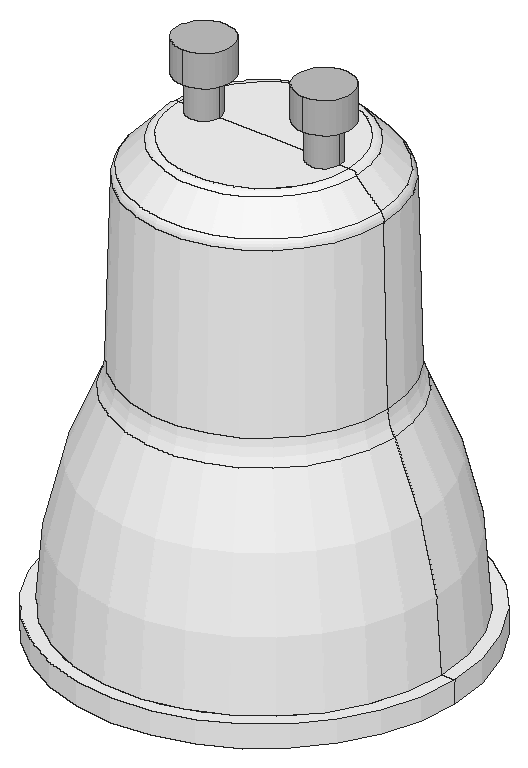
Revit family "STH20513_27_30_40", category Luminárias, Revit 2023
Family settings
  Cota do conector redondo = Utilizar diâmetro
  Tipo de parte = Normal
  Com base no plano de trabalho = Não
  Sempre na vertical = Sim
  Corte com vazios quando carregada = Não
  Fonte luminosa = Sim
  Manter orientação da anotação = Não
  Compartilhado = Não
  Ponto de cálculo do ambiente = Não
Parameters (values of type "STH20513/27 - BIVOLT - 2700K - 200lm - 36°")
  Ângulo de inclinação = 90.00°
  Ângulo de Abertura = "36°"
  Wattage = 1.34642 W
  Vidro = Vidro
  URL = "https://stella.com.br/"
  Troca de temperatura da cor de lâmpada com esmaecimento = <Nenhum>
  Tensão Elétrica = "100V-240V"
  built-in parameter 1150107 = 2700 (stored number, unit not read)
  Temperatura da cor (K) = 2700 K
  Referência = "STH20513/27"
  Potência = 3 W
  built-in parameter 1150110 = 1 (stored number, unit not read)
  built-in parameter 1150109 = 1 (stored number, unit not read)
  built-in parameter 1114218 = 1 (stored number, unit not read)
  built-in parameter 1150112 = 1 (stored number, unit not read)
  built-in parameter 1150113 = 1 (stored number, unit not read)
  built-in parameter 1150132 = 2
  built-in parameter 1150137 = (empty or 0)
  Modelo = "Mini Dicroica MR11 EVO\r\nAR70 PRO 7º 4,7W\r\nAR 70 PRO 7º 4,7W"
  Luminoso [instance] = Luminoso - 2700K
  built-in parameter 1150106 = 0.15915 (stored number, unit not read)
  built-in parameter 1150102 = (empty or 0)
  built-in parameter 1150105 = 15.915 (stored number, unit not read)
  IRC (Índice de reprodução de cores) = ">95 (R9 >80)"
  Grau de proteção (IP) = "IP20"
  Fluxo Luminoso = 200 lm
  Color Filter = 16777215
  built-in parameter 1114217 = 1 (stored number, unit not read)
  built-in parameter 1150139 = (empty or 0)
  Fabricante = "Stella"
  Estrutura [instance] = Al - Branco
  Default Elevation = 0.00 m
  built-in parameter 1150104 = 13.8 (stored number, unit not read)
  Diâmetro = 0.035 m
  Dimerização = "Não dimerizável"
  built-in parameter 1150115 = 1 (stored number, unit not read)
  built-in parameter 1150114 = 1 (stored number, unit not read)
  Cromado = Cromado
  Lumens = 200 lm
  built-in parameter 1150138 = (empty or 0)
  built-in parameter 1150134 = (empty or 0)
  Arquivo de rede fotométrica = "STELLA - STH20513-27 - MINI DICROICA EVO 3W.ies"
  Altura = 0.046961 m
  built-in parameter 1150133 = 10 (stored number, unit not read)
Types (4, lengths in m): name | Wattage | built-in parameter 1150107 | Temperatura da cor (K) | Referência | Luminoso | built-in parameter 1150106 | built-in parameter 1150105 | Fluxo Luminoso | Lumens | built-in parameter 1150134 | Arquivo de rede fotométrica
  (no name) | 1.34642 W | 2700 (stored number, unit not read) | 2700 K | "STH20513/27" | Luminoso - 2700K | 0.15915 (stored number, unit not read) | 15.915 (stored number, unit not read) | 200 lm | 200 lm | (empty or 0) | "STELLA - STH20513-27 - MINI DICROICA EVO 3W.ies"
  STH20513/27 - BIVOLT - 2700K - 200lm - 36° | 1.34642 W | 2700 (stored number, unit not read) | 2700 K | "STH20513/27" | Luminoso - 2700K | 0.15915 (stored number, unit not read) | 15.915 (stored number, unit not read) | 200 lm | 200 lm | (empty or 0) | "STELLA - STH20513-27 - MINI DICROICA EVO 3W.ies"
  STH20513/30 - BIVOLT - 3000K - 210lm - 36° | 1.41374 W | 3000 (stored number, unit not read) | 3000 K | "STH20513/30" | Luminoso - 3000K | 4.1836 (stored number, unit not read) | 418.36 (stored number, unit not read) | 210 lm | 210 lm | (empty or 0) | "STELLA - STH20513-30 - MINI DICROICA EVO 3W.ies"
  STH20513/40 - BIVOLT - 4000K - 220lm - 36° | 1.48106 W | 4000 (stored number, unit not read) | 4000 K | "STH20513/40" | Luminoso - 4000K | 4.563 (stored number, unit not read) | 456.3 (stored number, unit not read) | 220 lm | 220 lm | 12 | "STELLA - STH20513-40 - MINI DICROICA EVO 3W.ies"
Reference planes (m)
  plane 1 "Centro (Frente/Trás)": y = 0
  plane 2: z = 0
  plane 3 "Centro (Esquerda/Direita)": x = 0
  plane 4: x = 0.0175
  plane 5: x = -0.0175
  plane 6 "Superior": z = 0.044961
  plane 7 "Base": z = -0.002
  plane 8: y = 0.0175
  plane 9: y = -0.0175
Forms (m)
  Revolve 1, solid, material "Vidro" <- "Vidro"
    sketch origin (0, 0, -0.006567) x (1, 0, 0) y (0, 0, 1)
      loop
        arc (-0.0051, 0.006418) -> (-0.002575, 0.005881) -> (0, 0.005702) r 0.018517
        line (0, 0.005702) -> (0, 0.007974) -> (-0.0051, 0.007974) -> (-0.010382, 0.006038) -> (-0.014775, 0.006038)
        arc (-0.014775, 0.006038) -> (-0.014904, 0.005307) -> (-0.014946, 0.004567) r 0.00642
        line (-0.014946, 0.004567) -> (-0.010197, 0.004567) -> (-0.0051, 0.006418)
      axis (0, 0.007974) -> (0, 0.004567)
    angle from 0 to 360
  Extrusion 2, solid, material "Cromado"
    sketch origin (-0.0005, 0, 0) x (1, 0, 0) y (0, 1, 0)
      loop
        circle (-0.00505, 0) r 0.00145
    from 0.0388 to 0.042061
  Extrusion 3, solid, material "Cromado"
    sketch origin (-0.00085, 0.000392, 0) x (1, 0, 0) y (0, 1, 0)
      loop
        circle (-0.0047, -0.000392) r 0.00245
    from 0.042061 to 0.044961
  Extrusion 4, solid, material "Cromado"
    sketch origin (0.0005, 0, 0) x (-1, 0, 0) y (0, -1, 0)
      loop
        circle (-0.00505, 0) r 0.00145
    from 0.0388 to 0.042061
  Revolve 5, solid, material "Luminoso - 2700K" <- "Luminoso"
    sketch origin (0, 0, -0.003764) x (1, 0, 0) y (0, 0, 1)
      loop
        line (0, 0.005171) -> (0, 0.006241) -> (-0.0051, 0.006241) -> (-0.0051, 0.005171) -> (0, 0.005171)
      axis (0, 0.006241) -> (0, 0.005171)
    angle from 0 to 360
  Revolve 6, solid, material "Cromado" <- "Cromado"
    sketch origin (0, 0, 0.001939) x (1, 0, 0) y (0, 0, 1)
      loop
        line (-0.010382, -0.002467) -> (-0.0051, -0.000531) -> (-0.0051, 0.000539) -> (-0.010324, -0.001698) -> (-0.014555, -0.001698) -> (-0.014775, -0.002467) -> (-0.010382, -0.002467)
      axis (0, 0.000539) -> (0, -0.002467)
    angle from 0 to 360
  Extrusion 7, solid, material "Cromado"
    sketch origin (0.01025, 0.000392, 0) x (1, 0, 0) y (0, 1, 0)
      loop
        circle (-0.0047, -0.000392) r 0.00245
    from 0.042061 to 0.044961
  Revolve 8, solid, material "Al - Branco" <- "Estrutura"
    sketch origin (0, 0, 0) x (1, 0, 0) y (0, 0, 1)
      loop
        arc (0.011063, 0.03545) -> (0.010975, 0.035867) -> (0.010743, 0.036224) r 0.00117
        line (0.010743, 0.036224) -> (0.008596, 0.038488)
        arc (0.008596, 0.038488) -> (0.008265, 0.038719) -> (0.00787, 0.0388) r 0.001
        line (0.00787, 0.0388) -> (0.00005, 0.0388) -> (0.00005, 0.0374) -> (0.007698, 0.0374) -> (0.009666, 0.035324) -> (0.010066, 0.020143)
        arc (0.010066, 0.020143) -> (0.01027, 0.018716) -> (0.010789, 0.017371) r 0.0064
        arc (0.010789, 0.017371) -> (0.013969, 0.008943) -> (0.01505, 0) r 0.03754
        line (0.01505, 0) -> (0.01505, -0.002) -> (0.01765, -0.002) -> (0.01765, 0) -> (0.01645, 0)
        arc (0.01645, 0) -> (0.015329, 0.009276) -> (0.01203, 0.018019) r 0.03894
        arc (0.01203, 0.018019) -> (0.011625, 0.019069) -> (0.011465, 0.020184) r 0.005
        line (0.011465, 0.020184) -> (0.011063, 0.03545)
      axis (0, 0.0388) -> (0, -0.002)
    angle from 0 to 360
Cuts and joins
  joined: Extrusion 2, Extrusion 3
Dimensions and locks (m)
  "Altura": plane 6 "Superior" to plane 7 "Base"
  "Diâmetro": plane 8 to plane 9
  aligned and locked: level to plane 2
Automatic sketch dimensions
  Revolve 1 sketch curve to plane 7 "Base" = 0.00 m
  Revolve 1 sketch curve to plane 3 "Centro (Esquerda/Direita)" = 0.00 m  (x2)
  level to Revolve 1 sketch curve = 0.001407 m
  Revolve 1 sketch curve to plane 3 "Centro (Esquerda/Direita)" = 0.0051 m
  Revolve 1 sketch curve to level = 0.000149 m
  Revolve 1 sketch curve to Revolve 1 sketch curve = 0.00 m
  Revolve 1 sketch curve to Revolve 1 sketch curve = 0.003427 m
  Revolve 1 sketch curve to Revolve 1 sketch curve = 0.001671 m
  Revolve 1 sketch curve to level = 0.000528 m
  Revolve 1 sketch curve to Revolve 1 sketch curve = 0.000185 m
  plane 5 to Revolve 1 sketch curve = 0.002725 m
  Revolve 1 sketch curve to level = 0.000865 m
  Revolve 1 sketch curve to plane 7 "Base" = 0.010049 m
  Revolve 1 sketch curve to Revolve 1 sketch curve = 0.001226 m
  plane 1 "Centro (Frente/Trás)" to Extrusion 2 sketch curve = 0.00 m
  Extrusion 2 sketch curve to plane 3 "Centro (Esquerda/Direita)" = 0.00555 m
  Extrusion 3 sketch curve to Extrusion 3 sketch curve = 0.00 m  (x2)
  plane 1 "Centro (Frente/Trás)" to Extrusion 3 sketch curve = 0.00 m
  Extrusion 3 sketch curve to plane 3 "Centro (Esquerda/Direita)" = 0.00555 m
  plane 1 "Centro (Frente/Trás)" to Extrusion 3 sketch curve = 0.00245 m
  plane 1 "Centro (Frente/Trás)" to Extrusion 4 sketch curve = 0.00 m
  plane 3 "Centro (Esquerda/Direita)" to Extrusion 4 sketch curve = 0.00555 m
  Revolve 5 sketch curve to plane 3 "Centro (Esquerda/Direita)" = 0.00 m  (x2)
  Revolve 5 sketch curve to level = 0.00 m
  level to Revolve 5 sketch curve = 0.002478 m
  Revolve 5 sketch curve to plane 3 "Centro (Esquerda/Direita)" = 0.0051 m
  Revolve 5 sketch curve to Revolve 5 sketch curve = 0.001071 m
  Revolve 5 sketch curve to Revolve 5 sketch curve = 0.001668 m
  Revolve 6 sketch curve to plane 3 "Centro (Esquerda/Direita)" = 0.00 m
  level to Revolve 6 sketch curve = 0.002478 m
  Revolve 6 sketch curve to plane 3 "Centro (Esquerda/Direita)" = 0.0051 m
  level to Revolve 6 sketch curve = 0.000241 m
  Revolve 6 sketch curve to Revolve 6 sketch curve = 0.005224 m
  Revolve 6 sketch curve to Revolve 6 sketch curve = 0.000058 m
  plane 5 to Revolve 6 sketch curve = 0.002945 m
  Revolve 6 sketch curve to level = 0.000528 m
  Revolve 6 sketch curve to Revolve 6 sketch curve = 0.000221 m
  Revolve 6 sketch curve to Revolve 6 sketch curve = 0.001071 m
  level to Revolve 6 sketch curve = 0.00179 m
  Revolve 6 sketch curve to Revolve 6 sketch curve = 0.003451 m
  Extrusion 7 sketch curve to Extrusion 7 sketch curve = 0.00 m  (x2)
  plane 1 "Centro (Frente/Trás)" to Extrusion 7 sketch curve = 0.00 m
  plane 3 "Centro (Esquerda/Direita)" to Extrusion 7 sketch curve = 0.00555 m
  plane 1 "Centro (Frente/Trás)" to Extrusion 7 sketch curve = 0.00245 m
  Revolve 8 sketch curve to Revolve 8 sketch curve = 0.00 m  (x4)
  Revolve 8 sketch curve to level = 0.00 m
  Revolve 8 sketch curve to plane 3 "Centro (Esquerda/Direita)" = 0.00 m
  Revolve 8 sketch curve to plane 7 "Base" = 0.00 m
  Revolve 8 sketch curve to plane 5 = 0.00499 m
  plane 3 "Centro (Esquerda/Direita)" to Revolve 8 sketch curve = 0.00005 m
  Revolve 8 sketch curve to Revolve 8 sketch curve = 0.007648 m
  Revolve 8 sketch curve to Revolve 8 sketch curve = 0.000172 m
  Revolve 8 sketch curve to Revolve 8 sketch curve = 0.000726 m
  Revolve 8 sketch curve to Revolve 8 sketch curve = 0.001968 m
  Revolve 8 sketch curve to Revolve 8 sketch curve = 0.000227 m
  Revolve 8 sketch curve to plane 4 = 0.007434 m
  Revolve 8 sketch curve to Revolve 8 sketch curve = 0.000849 m
  Revolve 8 sketch curve to Revolve 8 sketch curve = 0.000321 m
  Revolve 8 sketch curve to Revolve 8 sketch curve = 0.001399 m
  Revolve 8 sketch curve to plane 4 = 0.00245 m
  Revolve 8 sketch curve to plane 4 = 0.00105 m
  Revolve 8 sketch curve to plane 4 = 0.001037 m
  plane 4 to Revolve 8 sketch curve = 0.00015 m
  level to Revolve 8 sketch curve = 0.020143 m
  Revolve 8 sketch curve to Revolve 8 sketch curve = 0.000041 m
  Revolve 8 sketch curve to Revolve 8 sketch curve = 0.000148 m
  Revolve 8 sketch curve to plane 6 "Superior" = 0.009637 m
  Revolve 8 sketch curve to Revolve 8 sketch curve = 0.000094 m
  Revolve 8 sketch curve to Revolve 8 sketch curve = 0.000031 m
  Revolve 8 sketch curve to plane 6 "Superior" = 0.007561 m
  Revolve 8 sketch curve to Revolve 8 sketch curve = 0.0004 m
  Revolve 8 sketch curve to Revolve 8 sketch curve = 0.000688 m
  Revolve 8 sketch curve to plane 7 "Base" = 0.001356 m
  Revolve 8 sketch curve to plane 6 "Superior" = 0.002867 m
  radius of Extrusion 2 sketch curve = 0.00145 m
  radius of Extrusion 4 sketch curve = 0.00145 m
Connectors (m)
  electrical at (0, 0, 0.044961)
    settings: index 1, voltage 0 V, apparent load 0 VA, apparent load phase1 0 VA, apparent load phase2 0 VA, apparent load phase3 0 VA, power factor 1, load classification "Outro", number of poles 1, system type 31, power factor state 1, is connector primary yes, connector utility no, sub classification motor no, connector description ""
